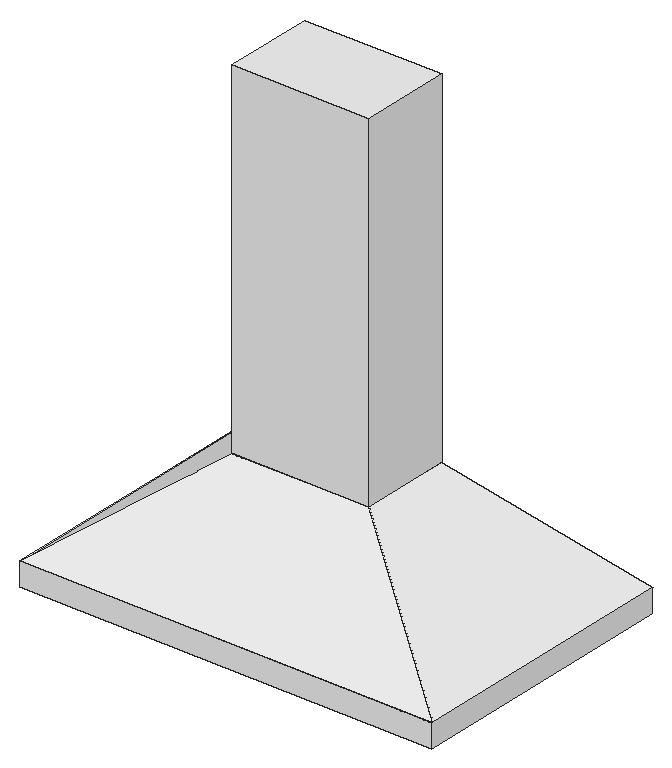
Revit family "Island_Hood_1860", category Оборудование, Revit 2016
Family settings
  Тип детали = Не определено
  Размер круглого соединителя = Использовать диаметр
  На основе рабочей плоскости = Нет
  Всегда вертикально = Да
  При загрузке вырезать с полостями = Нет
  Общий = Нет
  Точка расчета площади = Нет
Parameters (values of type "Island Hood")
  Surface = none
  Группа модели = "Barcelona"
  Изготовитель = "Air King"
Reference planes (in)
  plane 1 "Center (Front/Back)": y = 0
  plane 2: z = 0
  plane 3 "Center (Left/Right)": x = 0
Forms (in)
  Extrusion 1, solid, material "Stainless Steel"
    sketch origin (0, 0, 0) x (1, 0, 0) y (0, 1, 0)
      loop
        line (-18, 12) -> (-18, -12) -> (18, -12) -> (18, 12) -> (-18, 12)
    from 0 to 2
  Blend 2, solid, material "Stainless Steel"
    base sketch origin (0, 0.06925, 0) x (1, 0, 0) y (0, 1, 0)
      loop
        line (-6, -4) -> (6, -4) -> (6, 4) -> (-6, 4) -> (-6, -4)
    top sketch origin (0, 0.06925, 0) x (1, 0, 0) y (0, 1, 0)
      loop
        line (-18, 12) -> (-18, -12) -> (18, -12) -> (18, 12) -> (-18, 12)
    from 11.11594 to 2
  Extrusion 3, solid, material "Stainless Steel"
    sketch origin (0, 0.06925, 0) x (1, 0, 0) y (0, 1, 0)
      loop
        line (-6, 4) -> (-6, -4) -> (6, -4) -> (6, 4) -> (-6, 4)
    from 11.125 to 41.5
Lines and regions (in)
  model lines
    curve 1: line (-18, 12, 0) -> (18, 12, 0)
    curve 2: line (-18, -12, 0) -> (-18, 12, 0)
    curve 3: line (18, -12, 0) -> (-18, -12, 0)
    curve 4: line (18, 12, 0) -> (18, -12, 0)
